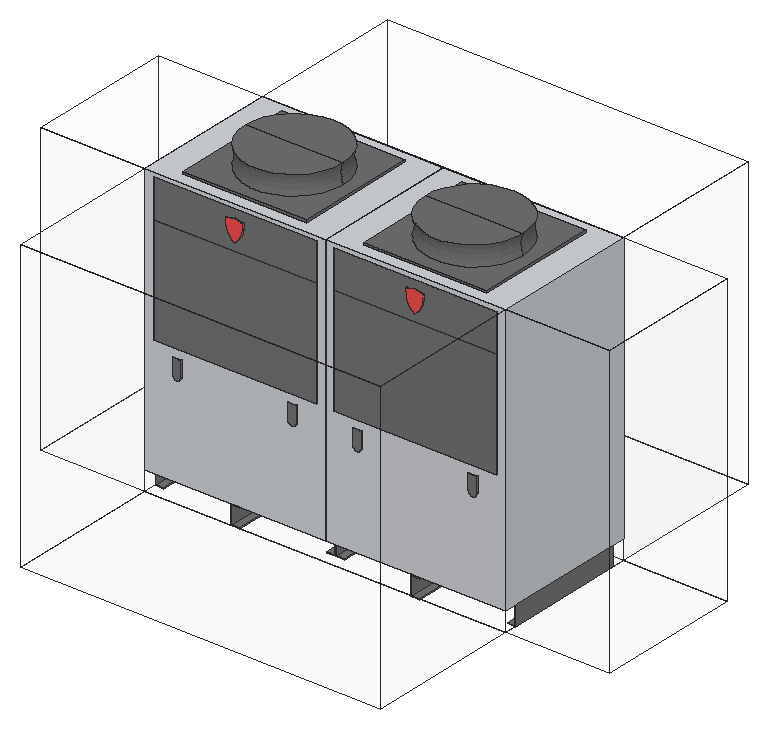
Revit family "Air Source 280,000 BTU", category Mechanical Equipment, Revit 2018
Family settings
  Round Connector Dimension = Use Diameter
  Part Type = Normal
  Work Plane-Based = No
  Always vertical = Yes
  Cut with Voids When Loaded = No
  Shared = No
  Room Calculation Point = No
Parameters (values of type "280,000 BTU")
  WEIGHT = "1,534"
  WATER CONN SIZE = 1 1/2"
  UNIT WIDTH = 41 5/8"
  UNIT LENGTH = 34"
  URL = ""
  SES BIM Studio # = "23 0649 01"
  Manufacturer = "Lochinvar"
  Lbs.R513a = "28"
  Description = "Air Source Heat Pump Water Heater"
  Compressor Type = "Scroll"
  Clearance Right = 24"
  Clearance Rear = 36"
  Clearance Left = 24"
  Clearance Front = 36"
  Clearance [instance] = yes
  BTUH Heating = "271,794"
  Air Volume (CFM) = "7,683"
  440V-480V/3PH/60HZ RLA = "70"
  440V-480V/3PH/60HZ MOCP = "90"
  440V-480V/3PH/60HZ MCA = "87.50"
Reference planes (in)
  plane 1 "Unit Back": y = 0
  plane 2: z = 0
  plane 3 "Center (Left/Right)": x = 0
  plane 4 "Support Top": z = 4.5
  plane 5 "Unit Body Top": z = 66.75
  plane 6 "Fan Top": z = 71.75
  plane 7 "Fan Center": y = -17
  plane 8 "Unit Front": y = -34
  plane 9 "Unit Body Plate Top": z = 67.25
  plane 10 "Unit Right": x = 20.8125
  plane 11 "Unit Left": x = -20.8125
  plane 12 "Water Inlet Center": z = 7.5
  plane 13 "Water Outlet Center": z = 13.5
  plane 14 "Water Inlet/Outlet Center": x = -1.3125
  plane 15 "Flange Back": y = 4.5
  plane 16 "Pipe Back": y = 4.25
  plane 17 "Support Front": y = -31
  plane 18 "Support Back": y = -3
  plane 19: x = 11.25
  plane 20: x = -11.25
  plane 21: x = -2
  plane 22: x = 2
  plane 23: x = -14.25
  plane 24: x = 14.25
  plane 25: y = -2.75
  plane 26: y = -31.25
  plane 27: y = -70
  plane 28: y = 36
  plane 29: x = 86.4375
  plane 30: x = -44.8125
  plane 31: x = 62.4375
Forms (in)
  Extrusion 1, solid
    sketch origin (0, 0, 4.5) x (-1, 0, 0) y (0, -1, 0)
      loop
        line (20.8125, 0) -> (20.8125, 34) -> (-20.8125, 34) -> (-20.8125, 0) -> (20.8125, 0)
    from 0 to 62.25
  Revolve 2, solid, material "Grille/Fan/Supports"
    sketch origin (0, -17, 0) x (-1, 0, 0) y (0, 0, 1)
      loop
        line (0, 71.75) -> (-11.25, 71.75)
        arc (-11.25, 71.75) -> (-10.8028, 69.5) -> (-11.25, 67.25) r 5.88383
        line (-11.25, 67.25) -> (0, 67.25) -> (0, 71.75)
      axis (0, 71.75) -> (0, 67.25)
    angle from 0 to 360
  Extrusion 3, solid, material "Grille/Fan/Supports"
    sketch origin (0, 0, 66.75) x (-1, 0, 0) y (0, -1, 0)
      loop
        line (14.25, 2.75) -> (14.25, 31.25) -> (-14.25, 31.25) -> (-14.25, 2.75) -> (14.25, 2.75)
    from 0 to 0.5
  Extrusion 4, solid
    sketch origin (-20.8125, 0, 4.5) x (1, 0, 0) y (0, 0, -1)
      loop
        circle (19.5, -3) r 0.75
      loop
        circle (19.5, -9) r 0.75
    from 0 to 4.25
  Extrusion 5, solid
    sketch origin (-20.8125, 4.25, 4.5) x (1, 0, 0) y (0, 0, -1)
      loop
        circle (19.5, -9) r 2.25
      loop
        circle (19.5, -3) r 2.25
    from 0 to 0.25
  Extrusion 6, solid, material "Grille/Fan/Supports"
    sketch origin (0, -31, 0) x (-1, 0, 0) y (0, 0, 1)
      loop
        line (20.8125, 4.5) -> (18.8125, 4.5) -> (18.8125, 4.3125) -> (20.625, 4.3125) -> (20.625, 0.1875) -> (18.8125, 0.1875) -> (18.8125, 0) -> (20.8125, 0) -> (20.8125, 4.5)
      loop
        line (-20.8125, 4.5) -> (-20.8125, 0) -> (-18.8125, 0) -> (-18.8125, 0.1875) -> (-20.625, 0.1875) -> (-20.625, 4.3125) -> (-18.8125, 4.3125) -> (-18.8125, 4.5) -> (-20.8125, 4.5)
    from 0 to 28
  Extrusion 7, solid, material "Grille/Fan/Supports"
    sketch origin (0, -34, 0) x (-1, 0, 0) y (0, 0, 1)
      loop
        line (1, 4.5) -> (-1, 4.5) -> (-1, 4.3125) -> (0.8125, 4.3125) -> (0.8125, 0.1875) -> (-1, 0.1875) -> (-1, 0) -> (1, 0) -> (1, 4.5)
    from 0 to 34
  Extrusion 8, solid, material "Grille/Fan/Supports"
    sketch origin (20.8125, -34, 4.5) x (-1, 0, 0) y (0, 0, -1)
      loop
        line (35.125, -25.6875) -> (35.125, -22.1875)
        arc (35.125, -22.1875) -> (34.125, -21.1875) -> (33.125, -22.1875) r 1
        line (33.125, -22.1875) -> (33.125, -25.6875) -> (35.125, -25.6875)
      loop
        line (6.5, -25.6875) -> (8.5, -25.6875) -> (8.5, -22.1875)
        arc (8.5, -22.1875) -> (7.5, -21.1875) -> (6.5, -22.1875) r 1
        line (6.5, -22.1875) -> (6.5, -25.6875)
    from 0 to 0.1875
  Extrusion 9, void
    sketch origin (20.8125, -34, 4.5) x (1, 0, 0) y (0, 0, -1)
      loop
        line (-39.625, -52.5) -> (-2, -52.5) -> (-2, -27.5) -> (-39.625, -27.5) -> (-39.625, -52.5)
    from 0 to 1
  Extrusion 10, solid, material "Grille/Fan/Supports"
    sketch origin (20.8125, -33, 4.5) x (-1, 0, 0) y (0, 0, -1)
      loop
        line (39.625, -52.5) -> (39.625, -27.5) -> (2, -27.5) -> (2, -52.5) -> (39.625, -52.5)
    from 0 to 1
  Extrusion 11, void
    sketch origin (20.8125, -34, 4.5) x (1, 0, 0) y (0, 0, -1)
      loop
        line (-39.625, -61.25) -> (-2, -61.25) -> (-2, -52.5) -> (-39.625, -52.5) -> (-39.625, -61.25)
    from 0 to 1
  Extrusion 12, solid, material "Grille/Fan/Supports"
    sketch origin (20.8125, -33, 4.5) x (-1, 0, 0) y (0, 0, -1)
      loop
        line (39.625, -61.25) -> (39.625, -52.5) -> (2, -52.5) -> (2, -61.25) -> (39.625, -61.25)
    from 0 to 1
  Extrusion 13, solid, material "Logo"
    sketch origin (20.8125, -34, 4.5) x (-1, 0, 0) y (0, 0, -1)
      loop
        line (20.8125, -59.375) -> (22.8125, -59.02235) -> (22.71994, -57.53655)
        arc (22.71994, -57.53655) -> (22.1536, -55.72206) -> (20.8125, -54.375) r 3.99308
        arc (20.8125, -54.375) -> (19.4714, -55.72206) -> (18.90506, -57.53655) r 3.99308
        line (18.90506, -57.53655) -> (18.8125, -59.02235) -> (20.8125, -59.375)
    from 0 to 0.25
  Extrusion 14, solid, material "Clearance", visible <- "Clearance"
    sketch origin (0, 0, 0) x (1, 0, 0) y (0, 1, 0)
      loop
        line (-44.8125, 0) -> (-44.8125, -34) -> (-20.8125, -34) -> (-20.8125, 0) -> (-44.8125, 0)
    from 0 to 66.75
  Extrusion 15, solid, material "Clearance", visible <- "Clearance"
    sketch origin (0, 0, 0) x (1, 0, 0) y (0, 1, 0)
      loop
        line (-20.8125, -34) -> (-20.8125, -70) -> (62.4375, -70) -> (62.4375, -34) -> (-20.8125, -34)
    from 0 to 66.75
  Extrusion 16, solid, material "Clearance", visible <- "Clearance"
    sketch origin (0, 0, 0) x (1, 0, 0) y (0, 1, 0)
      loop
        line (-20.8125, 0) -> (62.4375, 0) -> (62.4375, 36) -> (-20.8125, 36) -> (-20.8125, 0)
    from 0 to 66.75
  Extrusion 17, solid, material "Clearance", visible <- "Clearance"
    sketch origin (0, 0, 0) x (1, 0, 0) y (0, 1, 0)
      loop
        line (62.4375, 0) -> (62.4375, -34) -> (86.4375, -34) -> (86.4375, 0) -> (62.4375, 0)
    from 0 to 66.75
Cuts and joins
  Extrusion 9, Extrusion 11 cuts Extrusion 1
  Extrusion 11 cuts Extrusion 10
Lines and regions (in)
  model lines
    curve 1: line (-20.8125, -34, 65.75) -> (20.8125, -34, 65.75)
    curve 2: line (-18.8125, -34, 65.75) -> (-18.8125, -34, 4.5)
    curve 3: line (18.8125, -34, 65.75) -> (18.8125, -34, 4.5)
    curve 4: line (20.8125, -34, 65.75) -> (20.8125, 0, 65.75)
    curve 5: line (20.8125, 0, 65.75) -> (-20.8125, 0, 65.75)
    curve 6: line (-20.8125, 0, 65.75) -> (-20.8125, -34, 65.75)
    curve 7: line (20.8125, -32, 65.75) -> (20.8125, -32, 4.5)
    curve 8: line (20.8125, -2, 65.75) -> (20.8125, -2, 4.5)
    curve 9: line (-20.8125, -32, 65.75) -> (-20.8125, -32, 4.5)
    curve 10: line (-20.8125, -2, 65.75) -> (-20.8125, -2, 4.5)
    curve 11: line (-18.8125, -34, 31) -> (18.8125, -34, 31)
Dimensions and locks (in)
  equal spacing: plane 1 "Unit Back", plane 7 "Fan Center", plane 8 "Unit Front"
  equal spacing: plane 11 "Unit Left", plane 3 "Center (Left/Right)", plane 10 "Unit Right"
  "UNIT WIDTH": plane 11 "Unit Left" to plane 10 "Unit Right"
  "UNIT LENGTH": plane 8 "Unit Front" to plane 1 "Unit Back"
  equal spacing: plane 20, plane 3 "Center (Left/Right)", plane 19
  locked: plane 20 to plane 19 at 22.5
  equal spacing: plane 21, plane 3 "Center (Left/Right)", plane 22
  locked: plane 21 to plane 22 at 4
  equal spacing: plane 23, plane 3 "Center (Left/Right)", plane 24
  locked: plane 23 to plane 24 at 28.5
  equal spacing: plane 26, plane 7 "Fan Center", plane 25
  locked: plane 26 to plane 25 at 28.5
  locked: plane 17 "Support Front" to plane 8 "Unit Front" at 3
  "Clearance Front": plane 8 "Unit Front" to plane 27
  "Clearance Left": plane 30 to plane 11 "Unit Left"
  "Clearance Rear": plane 1 "Unit Back" to plane 28
  "Clearance Right": plane 31 to plane 29
  locked: plane 3 "Center (Left/Right)" to plane 31 at 62.4375
  aligned and locked: plane 2 to level
  aligned and locked: plane 5 "Unit Body Top" to Extrusion 1
  aligned and locked: plane 1 "Unit Back" to Extrusion 1 sketch curve
  aligned and locked: plane 8 "Unit Front" to Extrusion 1 sketch curve
  aligned and locked: Revolve 2 sketch curve to plane 6 "Fan Top"
  aligned and locked: Revolve 2 sketch curve to plane 9 "Unit Body Plate Top"
  aligned and locked: Extrusion 1 sketch curve to plane 11 "Unit Left"
  aligned and locked: plane 10 "Unit Right" to Extrusion 1 sketch curve
  aligned and locked: plane 14 "Water Inlet/Outlet Center" to Extrusion 4 sketch curve  (x2)
  aligned and locked: plane 12 "Water Inlet Center" to Extrusion 4 sketch curve
  aligned and locked: plane 13 "Water Outlet Center" to Extrusion 4 sketch curve
  aligned and locked: plane 16 "Pipe Back" to Extrusion 4
  aligned and locked: plane 14 "Water Inlet/Outlet Center" to Extrusion 5 sketch curve  (x2)
  aligned and locked: plane 13 "Water Outlet Center" to Extrusion 5 sketch curve
  aligned and locked: plane 12 "Water Inlet Center" to Extrusion 5 sketch curve
  aligned and locked: Extrusion 5 to Extrusion 4
  aligned and locked: plane 18 "Support Back" to Extrusion 6
  aligned and locked: Extrusion 7 to plane 1 "Unit Back"
  aligned and locked: Extrusion 10 sketch curve to cut or joined group of Extrusion 1, Extrusion 9, Extrusion 11  (x2)
  aligned and locked: Extrusion 12 sketch curve to cut or joined group of Extrusion 1, Extrusion 9, Extrusion 11
  aligned and locked: Extrusion 12 sketch curve to curve 2
  aligned and locked: Extrusion 12 sketch curve to cut or joined group of Extrusion 10, Extrusion 11
  aligned and locked: plane 22 to Extrusion 13 sketch curve
  aligned and locked: Extrusion 3 sketch curve to plane 23
  aligned and locked: plane 24 to Extrusion 3 sketch curve
  aligned and locked: plane 25 to Extrusion 3 sketch curve
  aligned and locked: Extrusion 3 sketch curve to plane 26
  aligned and locked: Extrusion 6 to plane 17 "Support Front"
  aligned and locked: plane 1 "Unit Back" to Extrusion 14 sketch curve
  aligned and locked: Extrusion 14 sketch curve to plane 30
  aligned and locked: Extrusion 14 sketch curve to cut or joined group of Extrusion 1, Extrusion 9, Extrusion 11  (x2)
  aligned and locked: Extrusion 15 sketch curve to cut or joined group of Extrusion 1, Extrusion 9, Extrusion 11
  aligned and locked: Extrusion 15 sketch curve to plane 11 "Unit Left"
  aligned and locked: Extrusion 16 sketch curve to cut or joined group of Extrusion 1, Extrusion 9, Extrusion 11  (x2)
  aligned and locked: Extrusion 16 sketch curve to plane 28
  aligned and locked: Extrusion 16 sketch curve to plane 31
  aligned and locked: plane 31 to Extrusion 15 sketch curve
  aligned and locked: Extrusion 15 sketch curve to plane 27
  aligned and locked: Extrusion 16 to Extrusion 17 sketch curve
  aligned and locked: Extrusion 17 sketch curve to Extrusion 16
  aligned and locked: Extrusion 17 sketch curve to plane 8 "Unit Front"
  aligned and locked: plane 29 to Extrusion 17 sketch curve
Automatic sketch dimensions
  curve 1 to Extrusion 1 = 0"  (x2)
  curve 3 to Extrusion 1 = 0"
  curve 2 to Extrusion 1 = 0"
  Extrusion 1 to curve 2 = 1"
  Extrusion 1 to curve 2 = 2"
  Extrusion 1 to curve 11 = 26 1/2"
  curve 4 to Extrusion 1 = 0"  (x2)
  curve 8 to Extrusion 1 = 0"
  curve 7 to Extrusion 1 = 0"
  curve 4 to curve 8 = 2"
  Extrusion 1 to curve 7 = 2"
  Extrusion 1 to curve 4 = 1"
  Extrusion 1 to curve 5 = 0"
  curve 5 to Extrusion 1 = 0"
  Extrusion 1 to curve 5 = 1"
  curve 6 to Extrusion 1 = 0"  (x2)
  curve 9 to Extrusion 1 = 0"
  curve 10 to Extrusion 1 = 0"
  curve 6 to curve 9 = 2"
  curve 10 to curve 6 = 2"
  Extrusion 1 to curve 6 = 1"
  level to Extrusion 7 sketch curve = 4 1/2"
  Extrusion 7 sketch curve to plane 14 "Water Inlet/Outlet Center" = 2 5/16"
  Extrusion 7 sketch curve to Extrusion 7 sketch curve = 0"
  Extrusion 7 sketch curve to Extrusion 7 sketch curve = 1 13/16"
  Extrusion 7 sketch curve to Extrusion 7 sketch curve = 3/16"  (x3)
  Extrusion 7 sketch curve to Extrusion 7 sketch curve = 4 1/8"
  Extrusion 6 sketch curve to plane 4 "Support Top" = 0"  (x2)
  plane 10 "Unit Right" to Extrusion 6 sketch curve = 0"
  Extrusion 6 sketch curve to level = 0"  (x2)
  plane 11 "Unit Left" to Extrusion 6 sketch curve = 0"
  plane 10 "Unit Right" to Extrusion 6 sketch curve = 3/16"
  Extrusion 6 sketch curve to Extrusion 6 sketch curve = 1 13/16"  (x2)
  level to Extrusion 6 sketch curve = 3/16"  (x2)
  Extrusion 6 sketch curve to plane 11 "Unit Left" = 2"  (x2)
  Extrusion 6 sketch curve to plane 11 "Unit Left" = 3/16"
  Extrusion 6 sketch curve to plane 4 "Support Top" = 3/16"  (x2)
  Extrusion 8 sketch curve to Extrusion 1 = 6 1/2"
  Extrusion 8 sketch curve to Extrusion 8 sketch curve = 1"  (x2)
  Extrusion 1 to Extrusion 8 sketch curve = 8 1/2"
  Extrusion 1 to Extrusion 8 sketch curve = 25 11/16"
  Extrusion 8 sketch curve to Extrusion 8 sketch curve = 0"
  Extrusion 8 sketch curve to Extrusion 8 sketch curve = 3 1/2"  (x2)
  curve 3 to Extrusion 1 = 2"
  plane 19 to Revolve 2 sketch curve = 0"  (x2)
  Revolve 2 sketch curve to plane 3 "Center (Left/Right)" = 0"  (x2)
  plane 10 "Unit Right" to Revolve 2 sketch curve = 4.12587"
  Revolve 2 sketch curve to plane 5 "Unit Body Top" = 5"
  plane 6 "Fan Top" to Revolve 2 sketch curve = 12"
  Extrusion 11 sketch curve to Extrusion 1 = 2"
  Extrusion 1 to Extrusion 11 sketch curve = 2"
  Extrusion 11 sketch curve to Extrusion 1 = 1"
  Extrusion 11 sketch curve to Extrusion 11 sketch curve = 8 3/4"
  Extrusion 9 sketch curve to Extrusion 1 = 2"
  Extrusion 1 to Extrusion 9 sketch curve = 2"
  Extrusion 9 sketch curve to Extrusion 1 = 9 3/4"
  Extrusion 9 sketch curve to Extrusion 9 sketch curve = 25"
  Extrusion 12 sketch curve to Extrusion 9 = 0"
  Extrusion 13 sketch curve to Extrusion 13 sketch curve = 0.07791"
  Extrusion 13 sketch curve to Extrusion 12 = 3.71345"  (x2)
  Extrusion 13 sketch curve to Extrusion 13 sketch curve = 0.17048"  (x2)
  Extrusion 13 sketch curve to Extrusion 13 sketch curve = 1.90744"
  Extrusion 13 sketch curve to Extrusion 12 = 2.22765"
  Extrusion 13 sketch curve to Extrusion 13 sketch curve = 0.09256"
  Extrusion 13 sketch curve to Extrusion 13 sketch curve = 0.35265"
  Extrusion 13 sketch curve to Extrusion 13 sketch curve = 1.23752"
  Extrusion 13 sketch curve to Extrusion 13 sketch curve = 2"
  Extrusion 13 sketch curve to Extrusion 13 sketch curve = 1.48579"
  Extrusion 13 sketch curve to Extrusion 13 sketch curve = 0.24828"
  Extrusion 10 sketch curve to Extrusion 9 = 0"  (x2)
  radius of Extrusion 4 sketch curve = 3/4"  (x2)
  radius of Extrusion 5 sketch curve = 2 1/4"  (x2)
Nested families (in)
  nested 1: "Air Source 140,000 BTU" at (41.625, 0, 0), type "140,000 BTU"
    with Clearance no
Connectors (in)
  piping at (-1.3125, 4.5, 13.5), diameter 1.5, driven by "WATER CONN SIZE"
    settings: on Extrusion 5, index 1, connector inside diameter 24", connector length 0", flow factor 0, pipe flow 0 GPM, pressure drop 0.00 psi, fitting loss kfactor 0, connector angle 0.00°, fixture units 0, engagement length 0", angle of deflection 0.00°, flow configuration 0, flow direction 2, fitting loss method 0, system type 29, joint type 0, gender type 0, connector reference index -1, connector utility 0, adjustable connector no, is connector primary yes, connector description "Water Out"
  piping at (-1.3125, 4.5, 7.5), diameter 1.5, driven by "WATER CONN SIZE"
    settings: on Extrusion 5, index 2, connector inside diameter 24", connector length 0", flow factor 0, pipe flow 0 GPM, pressure drop 0.00 psi, fitting loss kfactor 0, connector angle 0.00°, fixture units 0, engagement length 0", angle of deflection 0.00°, flow configuration 0, flow direction 1, fitting loss method 0, system type 29, joint type 0, gender type 0, connector reference index -1, connector utility 0, adjustable connector no, is connector primary no, connector description "Water In"
  piping at (40.3125, 4.5, 7.5), diameter 1.5, driven by "WATER CONN SIZE"
    settings: on nested 1, index 3, connector inside diameter 24", connector length 0", flow factor 0, pipe flow 0 GPM, pressure drop 0.00 psi, fitting loss kfactor 0, connector angle 0.00°, fixture units 0, engagement length 0", angle of deflection 0.00°, flow configuration 0, flow direction 1, fitting loss method 0, system type 29, joint type 0, gender type 0, connector reference index -1, connector utility 0, adjustable connector no, is connector primary no, connector description "Water In"
  piping at (40.3125, 4.5, 13.5), diameter 1.5, driven by "WATER CONN SIZE"
    settings: on nested 1, index 4, connector inside diameter 24", connector length 0", flow factor 0, pipe flow 0 GPM, pressure drop 0.00 psi, fitting loss kfactor 0, connector angle 0.00°, fixture units 0, engagement length 0", angle of deflection 0.00°, flow configuration 0, flow direction 2, fitting loss method 0, system type 29, joint type 0, gender type 0, connector reference index -1, connector utility 0, adjustable connector no, is connector primary no, connector description "Water Out"
Definition of nested family "Air Source 140,000 BTU"
  Parameters (values of type "140,000 BTU")
    WEIGHT = "767"
    WATER CONN SIZE = 1 1/2"
    UNIT WIDTH = 41 5/8"
    UNIT LENGTH = 34"
    URL = ""
    SES BIM Studio # = "XX XXXX XX"
    Manufacturer = "Lochinvar"
    Lbs.R513a = "14"
    Description = "Air Source Heat Pump Water Heater"
    Compressor Type = "Scroll"
    Clearance Right = 24"
    Clearance Rear = 36"
    Clearance Left = 24"
    Clearance Front = 36"
    Clearance [instance] = yes
    BTUH Heating = "135,897"
    Air Volume (CFM) = "7,683"
    440V-480V/3PH/60HZ RLA = "35"
    440V-480V/3PH/60HZ MOCP = "45"
    440V-480V/3PH/60HZ MCA = "43.75"
  Reference planes (in)
    plane 1 "Unit Back": y = 0
    plane 2: z = 0
    plane 3 "Center (Left/Right)": x = 0
    plane 4 "Support Top": z = 4.5
    plane 5 "Unit Body Top": z = 66.75
    plane 6 "Fan Top": z = 71.75
    plane 7 "Fan Center": y = -17
    plane 8 "Unit Front": y = -34
    plane 9 "Unit Body Plate Top": z = 67.25
    plane 10 "Unit Right": x = 20.8125
    plane 11 "Unit Left": x = -20.8125
    plane 12 "Water Inlet Center": z = 7.5
    plane 13 "Water Outlet Center": z = 13.5
    plane 14 "Water Inlet/Outlet Center": x = -1.3125
    plane 15 "Flange Back": y = 4.5
    plane 16 "Pipe Back": y = 4.25
    plane 17 "Support Front": y = -31
    plane 18 "Support Back": y = -3
    plane 19: x = 11.25
    plane 20: x = -11.25
    plane 21: x = -2
    plane 22: x = 2
    plane 23: x = -14.25
    plane 24: x = 14.25
    plane 25: y = -2.75
    plane 26: y = -31.25
    plane 27: y = -70
    plane 28: y = 36
    plane 29: x = 44.8125
    plane 30: x = -44.8125
  Forms (in)
    Extrusion 1, solid
      sketch origin (0, 0, 4.5) x (-1, 0, 0) y (0, -1, 0)
        loop
          line (20.8125, 0) -> (20.8125, 34) -> (-20.8125, 34) -> (-20.8125, 0) -> (20.8125, 0)
      from 0 to 62.25
    Revolve 2, solid
      sketch origin (0, -17, 0) x (-1, 0, 0) y (0, 0, 1)
        loop
          line (0, 71.75) -> (-11.25, 71.75)
          arc (-11.25, 71.75) -> (-10.8028, 69.5) -> (-11.25, 67.25) r 5.88383
          line (-11.25, 67.25) -> (0, 67.25) -> (0, 71.75)
        axis (0, 71.75) -> (0, 67.25)
      angle from 0 to 360
    Extrusion 3, solid
      sketch origin (0, 0, 66.75) x (-1, 0, 0) y (0, -1, 0)
        loop
          line (14.25, 2.75) -> (14.25, 31.25) -> (-14.25, 31.25) -> (-14.25, 2.75) -> (14.25, 2.75)
      from 0 to 0.5
    Extrusion 4, solid
      sketch origin (-20.8125, 0, 4.5) x (1, 0, 0) y (0, 0, -1)
        loop
          circle (19.5, -3) r 0.75
        loop
          circle (19.5, -9) r 0.75
      from 0 to 4.25
    Extrusion 5, solid
      sketch origin (-20.8125, 4.25, 4.5) x (1, 0, 0) y (0, 0, -1)
        loop
          circle (19.5, -9) r 2.25
        loop
          circle (19.5, -3) r 2.25
      from 0 to 0.25
    Extrusion 6, solid
      sketch origin (0, -31, 0) x (-1, 0, 0) y (0, 0, 1)
        loop
          line (20.8125, 4.5) -> (18.8125, 4.5) -> (18.8125, 4.3125) -> (20.625, 4.3125) -> (20.625, 0.1875) -> (18.8125, 0.1875) -> (18.8125, 0) -> (20.8125, 0) -> (20.8125, 4.5)
        loop
          line (-20.8125, 4.5) -> (-20.8125, 0) -> (-18.8125, 0) -> (-18.8125, 0.1875) -> (-20.625, 0.1875) -> (-20.625, 4.3125) -> (-18.8125, 4.3125) -> (-18.8125, 4.5) -> (-20.8125, 4.5)
      from 0 to 28
    Extrusion 7, solid
      sketch origin (0, -34, 0) x (-1, 0, 0) y (0, 0, 1)
        loop
          line (1, 4.5) -> (-1, 4.5) -> (-1, 4.3125) -> (0.8125, 4.3125) -> (0.8125, 0.1875) -> (-1, 0.1875) -> (-1, 0) -> (1, 0) -> (1, 4.5)
      from 0 to 34
    Extrusion 8, solid
      sketch origin (20.8125, -34, 4.5) x (-1, 0, 0) y (0, 0, -1)
        loop
          line (35.125, -25.6875) -> (35.125, -22.1875)
          arc (35.125, -22.1875) -> (34.125, -21.1875) -> (33.125, -22.1875) r 1
          line (33.125, -22.1875) -> (33.125, -25.6875) -> (35.125, -25.6875)
        loop
          line (6.5, -25.6875) -> (8.5, -25.6875) -> (8.5, -22.1875)
          arc (8.5, -22.1875) -> (7.5, -21.1875) -> (6.5, -22.1875) r 1
          line (6.5, -22.1875) -> (6.5, -25.6875)
      from 0 to 0.1875
    Extrusion 9, void
      sketch origin (20.8125, -34, 4.5) x (1, 0, 0) y (0, 0, -1)
        loop
          line (-39.625, -52.5) -> (-2, -52.5) -> (-2, -27.5) -> (-39.625, -27.5) -> (-39.625, -52.5)
      from 0 to 1
    Extrusion 10, solid
      sketch origin (20.8125, -33, 4.5) x (-1, 0, 0) y (0, 0, -1)
        loop
          line (39.625, -52.5) -> (39.625, -27.5) -> (2, -27.5) -> (2, -52.5) -> (39.625, -52.5)
      from 0 to 1
    Extrusion 11, void
      sketch origin (20.8125, -34, 4.5) x (1, 0, 0) y (0, 0, -1)
        loop
          line (-39.625, -61.25) -> (-2, -61.25) -> (-2, -52.5) -> (-39.625, -52.5) -> (-39.625, -61.25)
      from 0 to 1
    Extrusion 12, solid
      sketch origin (20.8125, -33, 4.5) x (-1, 0, 0) y (0, 0, -1)
        loop
          line (39.625, -61.25) -> (39.625, -52.5) -> (2, -52.5) -> (2, -61.25) -> (39.625, -61.25)
      from 0 to 1
    Extrusion 13, solid
      sketch origin (20.8125, -34, 4.5) x (-1, 0, 0) y (0, 0, -1)
        loop
          line (20.8125, -59.375) -> (22.8125, -59.02235) -> (22.71994, -57.53655)
          arc (22.71994, -57.53655) -> (22.1536, -55.72206) -> (20.8125, -54.375) r 3.99308
          arc (20.8125, -54.375) -> (19.4714, -55.72206) -> (18.90506, -57.53655) r 3.99308
          line (18.90506, -57.53655) -> (18.8125, -59.02235) -> (20.8125, -59.375)
      from 0 to 0.25
    Extrusion 14, solid, visible <- "Clearance"
      sketch origin (0, 0, 0) x (1, 0, 0) y (0, 1, 0)
        loop
          line (20.8125, 0) -> (20.8125, -34) -> (44.8125, -34) -> (44.8125, 0) -> (20.8125, 0)
      from 0 to 66.75
    Extrusion 15, solid, visible <- "Clearance"
      sketch origin (0, 0, 0) x (1, 0, 0) y (0, 1, 0)
        loop
          line (-44.8125, 0) -> (-44.8125, -34) -> (-20.8125, -34) -> (-20.8125, 0) -> (-44.8125, 0)
      from 0 to 66.75
    Extrusion 16, solid, visible <- "Clearance"
      sketch origin (0, 0, 0) x (1, 0, 0) y (0, 1, 0)
        loop
          line (-20.8125, -34) -> (-20.8125, -70) -> (20.8125, -70) -> (20.8125, -34) -> (-20.8125, -34)
      from 0 to 66.75
    Extrusion 17, solid, visible <- "Clearance"
      sketch origin (0, 0, 0) x (1, 0, 0) y (0, 1, 0)
        loop
          line (-20.8125, 0) -> (20.8125, 0) -> (20.8125, 36) -> (-20.8125, 36) -> (-20.8125, 0)
      from 0 to 66.75
  Cuts and joins
    Extrusion 9, Extrusion 11 cuts Extrusion 1
    Extrusion 11 cuts Extrusion 10
  Lines and regions (in)
    model lines
      curve 1: line (-20.8125, -34, 65.75) -> (20.8125, -34, 65.75)
      curve 2: line (-18.8125, -34, 65.75) -> (-18.8125, -34, 4.5)
      curve 3: line (18.8125, -34, 65.75) -> (18.8125, -34, 4.5)
      curve 4: line (20.8125, -34, 65.75) -> (20.8125, 0, 65.75)
      curve 5: line (20.8125, 0, 65.75) -> (-20.8125, 0, 65.75)
      curve 6: line (-20.8125, 0, 65.75) -> (-20.8125, -34, 65.75)
      curve 7: line (20.8125, -32, 65.75) -> (20.8125, -32, 4.5)
      curve 8: line (20.8125, -2, 65.75) -> (20.8125, -2, 4.5)
      curve 9: line (-20.8125, -32, 65.75) -> (-20.8125, -32, 4.5)
      curve 10: line (-20.8125, -2, 65.75) -> (-20.8125, -2, 4.5)
      curve 11: line (-18.8125, -34, 31) -> (18.8125, -34, 31)
  Dimensions and locks (in)
    equal spacing: plane 1 "Unit Back", plane 7 "Fan Center", plane 8 "Unit Front"
    equal spacing: plane 11 "Unit Left", plane 3 "Center (Left/Right)", plane 10 "Unit Right"
    "UNIT WIDTH": plane 11 "Unit Left" to plane 10 "Unit Right"
    "UNIT LENGTH": plane 8 "Unit Front" to plane 1 "Unit Back"
    equal spacing: plane 20, plane 3 "Center (Left/Right)", plane 19
    locked: plane 20 to plane 19 at 22.5
    equal spacing: plane 21, plane 3 "Center (Left/Right)", plane 22
    locked: plane 21 to plane 22 at 4
    equal spacing: plane 23, plane 3 "Center (Left/Right)", plane 24
    locked: plane 23 to plane 24 at 28.5
    equal spacing: plane 26, plane 7 "Fan Center", plane 25
    locked: plane 26 to plane 25 at 28.5
    locked: plane 17 "Support Front" to plane 8 "Unit Front" at 3
    "Clearance Front": plane 8 "Unit Front" to plane 27
    "Clearance Left": plane 30 to plane 11 "Unit Left"
    "Clearance Right": plane 10 "Unit Right" to plane 29
    "Clearance Rear": plane 1 "Unit Back" to plane 28
    aligned and locked: plane 2 to level
    aligned and locked: plane 5 "Unit Body Top" to Extrusion 1
    aligned and locked: plane 1 "Unit Back" to Extrusion 1 sketch curve
    aligned and locked: plane 8 "Unit Front" to Extrusion 1 sketch curve
    aligned and locked: Revolve 2 sketch curve to plane 6 "Fan Top"
    aligned and locked: Revolve 2 sketch curve to plane 9 "Unit Body Plate Top"
    aligned and locked: Extrusion 1 sketch curve to plane 11 "Unit Left"
    aligned and locked: plane 10 "Unit Right" to Extrusion 1 sketch curve
    aligned and locked: plane 14 "Water Inlet/Outlet Center" to Extrusion 4 sketch curve  (x2)
    aligned and locked: plane 12 "Water Inlet Center" to Extrusion 4 sketch curve
    aligned and locked: plane 13 "Water Outlet Center" to Extrusion 4 sketch curve
    aligned and locked: plane 16 "Pipe Back" to Extrusion 4
    aligned and locked: plane 14 "Water Inlet/Outlet Center" to Extrusion 5 sketch curve  (x2)
    aligned and locked: plane 13 "Water Outlet Center" to Extrusion 5 sketch curve
    aligned and locked: plane 12 "Water Inlet Center" to Extrusion 5 sketch curve
    aligned and locked: Extrusion 5 to Extrusion 4
    aligned and locked: plane 18 "Support Back" to Extrusion 6
    aligned and locked: Extrusion 7 to plane 1 "Unit Back"
    aligned and locked: Extrusion 10 sketch curve to cut or joined group of Extrusion 1, Extrusion 9, Extrusion 11  (x2)
    aligned and locked: Extrusion 12 sketch curve to cut or joined group of Extrusion 1, Extrusion 9, Extrusion 11
    aligned and locked: Extrusion 12 sketch curve to curve 2
    aligned and locked: Extrusion 12 sketch curve to cut or joined group of Extrusion 10, Extrusion 11
    aligned and locked: plane 22 to Extrusion 13 sketch curve
    aligned and locked: Extrusion 3 sketch curve to plane 23
    aligned and locked: plane 24 to Extrusion 3 sketch curve
    aligned and locked: plane 25 to Extrusion 3 sketch curve
    aligned and locked: Extrusion 3 sketch curve to plane 26
    aligned and locked: Extrusion 6 to plane 17 "Support Front"
    aligned and locked: Extrusion 14 sketch curve to cut or joined group of Extrusion 1, Extrusion 9, Extrusion 11  (x2)
    aligned and locked: plane 8 "Unit Front" to Extrusion 14 sketch curve
    aligned and locked: plane 29 to Extrusion 14 sketch curve
    aligned and locked: plane 1 "Unit Back" to Extrusion 15 sketch curve
    aligned and locked: Extrusion 15 sketch curve to plane 30
    aligned and locked: Extrusion 15 sketch curve to cut or joined group of Extrusion 1, Extrusion 9, Extrusion 11  (x2)
    aligned and locked: Extrusion 16 sketch curve to cut or joined group of Extrusion 1, Extrusion 9, Extrusion 11
    aligned and locked: Extrusion 16 sketch curve to plane 11 "Unit Left"
    aligned and locked: plane 27 to Extrusion 16 sketch curve
    aligned and locked: plane 10 "Unit Right" to Extrusion 16 sketch curve
    aligned and locked: Extrusion 17 sketch curve to cut or joined group of Extrusion 1, Extrusion 9, Extrusion 11  (x2)
    aligned and locked: plane 28 to Extrusion 17 sketch curve
    aligned and locked: Extrusion 17 sketch curve to plane 10 "Unit Right"
  Automatic sketch dimensions
    curve 1 to Extrusion 1 = 0"  (x2)
    curve 3 to Extrusion 1 = 0"
    curve 2 to Extrusion 1 = 0"
    Extrusion 1 to curve 2 = 1"
    Extrusion 1 to curve 2 = 2"
    Extrusion 1 to curve 11 = 26 1/2"
    curve 4 to Extrusion 1 = 0"  (x2)
    curve 8 to Extrusion 1 = 0"
    curve 7 to Extrusion 1 = 0"
    curve 4 to curve 8 = 2"
    Extrusion 1 to curve 7 = 2"
    Extrusion 1 to curve 4 = 1"
    Extrusion 1 to curve 5 = 0"
    curve 5 to Extrusion 1 = 0"
    Extrusion 1 to curve 5 = 1"
    curve 6 to Extrusion 1 = 0"  (x2)
    curve 9 to Extrusion 1 = 0"
    curve 10 to Extrusion 1 = 0"
    curve 6 to curve 9 = 2"
    curve 10 to curve 6 = 2"
    Extrusion 1 to curve 6 = 1"
    level to Extrusion 7 sketch curve = 4 1/2"
    Extrusion 7 sketch curve to plane 14 "Water Inlet/Outlet Center" = 2 5/16"
    Extrusion 7 sketch curve to Extrusion 7 sketch curve = 0"
    Extrusion 7 sketch curve to Extrusion 7 sketch curve = 1 13/16"
    Extrusion 7 sketch curve to Extrusion 7 sketch curve = 3/16"  (x3)
    Extrusion 7 sketch curve to Extrusion 7 sketch curve = 4 1/8"
    Extrusion 6 sketch curve to plane 4 "Support Top" = 0"  (x2)
    plane 10 "Unit Right" to Extrusion 6 sketch curve = 0"
    Extrusion 6 sketch curve to level = 0"  (x2)
    plane 11 "Unit Left" to Extrusion 6 sketch curve = 0"
    plane 10 "Unit Right" to Extrusion 6 sketch curve = 3/16"
    Extrusion 6 sketch curve to Extrusion 6 sketch curve = 1 13/16"  (x2)
    level to Extrusion 6 sketch curve = 3/16"  (x2)
    Extrusion 6 sketch curve to plane 11 "Unit Left" = 2"  (x2)
    Extrusion 6 sketch curve to plane 11 "Unit Left" = 3/16"
    Extrusion 6 sketch curve to plane 4 "Support Top" = 3/16"  (x2)
    Extrusion 8 sketch curve to Extrusion 1 = 6 1/2"
    Extrusion 8 sketch curve to Extrusion 8 sketch curve = 1"  (x2)
    Extrusion 1 to Extrusion 8 sketch curve = 8 1/2"
    Extrusion 1 to Extrusion 8 sketch curve = 25 11/16"
    Extrusion 8 sketch curve to Extrusion 8 sketch curve = 0"
    Extrusion 8 sketch curve to Extrusion 8 sketch curve = 3 1/2"  (x2)
    curve 3 to Extrusion 1 = 2"
    plane 19 to Revolve 2 sketch curve = 0"  (x2)
    Revolve 2 sketch curve to plane 3 "Center (Left/Right)" = 0"  (x2)
    plane 10 "Unit Right" to Revolve 2 sketch curve = 4.12587"
    Revolve 2 sketch curve to plane 5 "Unit Body Top" = 5"
    plane 6 "Fan Top" to Revolve 2 sketch curve = 12"
    Extrusion 11 sketch curve to Extrusion 1 = 2"
    Extrusion 1 to Extrusion 11 sketch curve = 2"
    Extrusion 11 sketch curve to Extrusion 1 = 1"
    Extrusion 11 sketch curve to Extrusion 11 sketch curve = 8 3/4"
    Extrusion 9 sketch curve to Extrusion 1 = 2"
    Extrusion 1 to Extrusion 9 sketch curve = 2"
    Extrusion 9 sketch curve to Extrusion 1 = 9 3/4"
    Extrusion 9 sketch curve to Extrusion 9 sketch curve = 25"
    Extrusion 12 sketch curve to Extrusion 9 = 0"
    Extrusion 13 sketch curve to Extrusion 13 sketch curve = 0.07791"
    Extrusion 13 sketch curve to Extrusion 12 = 3.71345"  (x2)
    Extrusion 13 sketch curve to Extrusion 13 sketch curve = 0.17048"  (x2)
    Extrusion 13 sketch curve to Extrusion 13 sketch curve = 1.90744"
    Extrusion 13 sketch curve to Extrusion 12 = 2.22765"
    Extrusion 13 sketch curve to Extrusion 13 sketch curve = 0.09256"
    Extrusion 13 sketch curve to Extrusion 13 sketch curve = 0.35265"
    Extrusion 13 sketch curve to Extrusion 13 sketch curve = 1.23752"
    Extrusion 13 sketch curve to Extrusion 13 sketch curve = 2"
    Extrusion 13 sketch curve to Extrusion 13 sketch curve = 1.48579"
    Extrusion 13 sketch curve to Extrusion 13 sketch curve = 0.24828"
    Extrusion 10 sketch curve to Extrusion 9 = 0"  (x2)
    radius of Extrusion 4 sketch curve = 3/4"  (x2)
    radius of Extrusion 5 sketch curve = 2 1/4"  (x2)
  Connectors (in)
    piping at (-1.3125, 4.5, 13.5), diameter 1.5, driven by "WATER CONN SIZE"
      settings: on Extrusion 5, index 1, connector inside diameter 24", connector length 0", flow factor 0, pipe flow 0 GPM, pressure drop 0.00 psi, fitting loss kfactor 0, connector angle 0.00°, fixture units 0, engagement length 0", angle of deflection 0.00°, flow configuration 0, flow direction 2, fitting loss method 0, system type 29, joint type 0, gender type 0, connector reference index -1, connector utility 0, adjustable connector no, is connector primary yes, connector description "Water Out"
    piping at (-1.3125, 4.5, 7.5), diameter 1.5, driven by "WATER CONN SIZE"
      settings: on Extrusion 5, index 2, connector inside diameter 24", connector length 0", flow factor 0, pipe flow 0 GPM, pressure drop 0.00 psi, fitting loss kfactor 0, connector angle 0.00°, fixture units 0, engagement length 0", angle of deflection 0.00°, flow configuration 0, flow direction 1, fitting loss method 0, system type 29, joint type 0, gender type 0, connector reference index -1, connector utility 0, adjustable connector no, is connector primary no, connector description "Water In"
